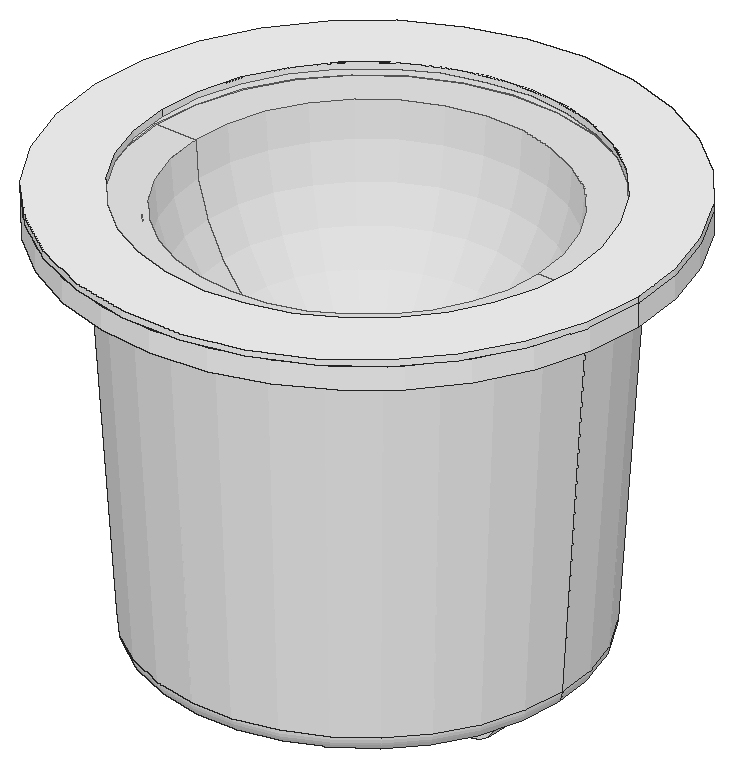
Revit family "2058874 Feilo Sylvania Lighting Fixture MYRD IP FL 3K PHDMEM WHT WBEZ", category Lighting Fixtures, host Face, Revit 2017
Family settings
  Host = Face
  Round Connector Dimension = Use Diameter
  Part Type = Normal
  OmniClass Number = 23.80.70.11.17
  OmniClass Title = Specialized Lighting by Location or Use
  Cut with Voids When Loaded = No
  Light Source = Yes
  Shared = No
  Room Calculation Point = No
Parameters
  Weight = "1.44 kg"
  Wattage = 15 W
  WarrantyStartDate [instance] = "n/a"
  WarrantyGuarantorParts = "n/a"
  WarrantyDurationUnit = "n/a"
  WarrantyDurationParts = "n/a"
  WarrantyDescription = "n/a"
  built-in parameter 1150110 = 1 (stored number, unit not read)
  Voltage = 230 V
  URL = "http://www.sylvania-lighting.com"
  TypeName = "MYRD IP FL 3K PHDMEM WHT WBEZ"
  Type Image = 0
  Type Comments = ""
  built-in parameter 1114217 = 1 (stored number, unit not read)
  Tilt Angle = -90°
  built-in parameter 1150109 = 1 (stored number, unit not read)
  built-in parameter 1150134 = (empty or 0)
  built-in parameter 1150113 = 1 (stored number, unit not read)
  SerialNumber [instance] = "n/a"
  Reflector Radius = Cutout Diameter / 2 - 2.5 mm  # 35.0 mm
  Reflector Material = Aluminum_Sylvania_Myriad_Bright
  Recessed Depth = Height  # 72.0 mm
  PowerFactor = 0
  PowerConsumption = "15 W"
  Photometric Web File = ""
  NominalWidth = 0.0 mm
  NominalLength = 76.0 mm
  NominalHeight = 72.0 mm
  Name = "MYRD IP FL 3K PHDMEM WHT WBEZ"
  ModelReference = "MYRD IP FL 3K PHDMEM WHT WBEZ"
  ModelNumber = "2058874"
  Material = "Aluminium"
  ManufacturerName = "Feilo Sylvania"
  LuminousEfficacy = "50 lm/W"
  LuminaireType = "Ceiling recessed"
  LightOutputRatio = "1"
  LampsType = Lamp  # "LED"
  LampNominalLuminous = "790 lm"
  LampMacAdamStep = "n/a"
  LampColourTemperature = "3000 K"
  LampColourRenderingIndex = "n/a"
  Keynote = "16500"
  Keynote_2 = "16500"
  InstallationDate [instance] = "n/a"
  InputVoltage = "230-240V~"
  InputNominalFrequency = "50/60 Hz"
  IngressProtection = "IP65"
  ImpactProtectionIndex = "IK02"
  IfcExportType = "IfcLightFixtureType"
  IfcExportAs = "IfcLightFixtureType"
  Height = 72.0 mm  # constant formula
  ExpectedLife = 50000
  Emit from Circle Diameter = Accessory Inner Diameter 2  # 68.0 mm
  Emit Shape Visible in Rendering = no
  ElectricShockClassification = "Class II"
  DurationUnit = "hours"
  DocumentationLiterature = "http://www.sylvania-lighting.com/product/en-int/products/2058874"
  DimmingControlOptions = "Dimmable"
  Diffuser Material = Glass_Sylvania_Myriad_Clear_4000K
  Diffuser Diameter = Cutout Diameter  # 75.0 mm
  Cutout Diameter = 75.0 mm  # constant formula
  CreatedOn = "03-11-2017"
  CreatedBy = ""
  Cost = 0
  built-in parameter 1114216 [instance] = 1 (stored number, unit not read)
  built-in parameter 1150142 = (empty or 0)
  Model = "MYRD IP FL 3K PHDMEM WHT WBEZ"
  Manufacturer = "Feilo Sylvania"  # constant formula
  built-in parameter 1150105 = 59.683 (stored number, unit not read)
  Lumens = 750 lm
  built-in parameter 1150115 = 1 (stored number, unit not read)
  built-in parameter 1150137 = (empty or 0)
  built-in parameter 1150139 = (empty or 0)
  built-in parameter 1150112 = 1 (stored number, unit not read)
  built-in parameter 1150114 = 1 (stored number, unit not read)
  Lamp = "LED"
  built-in parameter 1150132 = (empty or 0)
  built-in parameter 1150102 = (empty or 0)
  built-in parameter 1150107 = 3000 (stored number, unit not read)
  built-in parameter 1150138 = (empty or 0)
  built-in parameter 1150106 = 0.59683 (stored number, unit not read)
  built-in parameter 1150104 = 4.6452 (stored number, unit not read)
  Dimming Lamp Color Temperature Shift = (empty or 0)
  Description = "Supplied complete with electronic control gear Compact Fluorescent low energy downlight Emergency version passes through the cut out Ideal for low level orientation lighting New range of Architectural accessories each providing a different lit dimension New completely flush plaster up accessory ring for clean ceiling lines and smooth finish Order lamp separately"  # constant formula
  Default Elevation = 0.0 mm
  Color Filter = 16777215
  built-in parameter 1140040 [instance] = 1
  Body Radius = Reflector Radius + 1.5 mm  # 36.5 mm
  Body Material = Aluminum_Sylvania_Myriad_Gray
  BarCode [instance] = "n/a"
  built-in parameter 1114218 = 1 (stored number, unit not read)
  built-in parameter 1150133 = 10 (stored number, unit not read)
  AssetType = "Fixed"
  AssetIdentifier [instance] = "n/a"
  Assembly Code = "D5020200"
  Apparent Load = 15 VA
  Accessory Material = Aluminum_Sylvania_Myriad_White
  Accessory Inner Diameter 2 = Accessory Diameter - 22.0 mm  # 68.0 mm
  Accessory Inner Diameter 1 = Accessory Diameter - 2.0 mm  # 88.0 mm
  Accessory Diameter = Cutout Diameter + 15.0 mm  # 90.0 mm
Reference planes
  plane 1 "Center (Front/Back)": y = 0
  plane 2: z = 0
  plane 3 "Center (Left/Right)": x = 0
  plane 4: z = 2
  plane 5 "Fixture Bottom": z = 4.5
  plane 6: z = -28.5
  plane 7: z = -61.5
  plane 8 "Fixture Top": z = -67.5
  plane 9: z = 3.5
Forms (mm)
  Revolve 1, solid, material "Aluminum_Sylvania_Myriad_Bright" <- "Reflector Material", detail levels fine
    sketch origin (0, 0, 0) x (1, 0, 0) y (0, 0, 1)
      loop
        line (0, -27.515) -> (-6, -27.515)
        arc (-6, -27.515) -> (-22.333, -16.632) -> (-28.5, 2) r 30.135
        line (-28.5, 2) -> (-35, 2) -> (-35, 0) -> (-29.184, 0)
        arc (-29.184, 0) -> (-22.423, -18.18) -> (-6, -28.5) r 30.204
        line (-6, -28.5) -> (0, -28.5) -> (0, -27.515)
      axis (0, -28.5) -> (0, 2)
    angle from 0 to 360
  Revolve 2, solid, material "Aluminum_Sylvania_Myriad_Gray" <- "Body Material", detail levels fine
    sketch origin (0, 0, 0) x (1, 0, 0) y (0, 0, 1)
      loop
        line (-44, 2) -> (-44, 0) -> (-36.5, 0) -> (-32.42, -58.708)
        arc (-32.42, -58.708) -> (-31.474, -60.694) -> (-29.428, -61.5) r 3
        line (-29.428, -61.5) -> (0, -61.5) -> (0, -28.5) -> (-6, -28.5)
        arc (-6, -28.5) -> (-22.423, -18.18) -> (-29.184, 0) r 30.204
        line (-29.184, 0) -> (-35, 0) -> (-35, 2) -> (-44, 2)
      axis (0, 2) -> (0, -61.5)
    angle from 0 to 360
  Extrusion 3, solid, material "Aluminum_Sylvania_Myriad_Gray" <- "Body Material", detail levels fine
    sketch origin (0, 0, 0) x (1, 0, 0) y (0, 0, 1)
      loop
        line (-13.5, -67.5) -> (21, -67.5)
        arc (21, -67.5) -> (23.828, -66.328) -> (25, -63.5) r 4
        line (25, -63.5) -> (25, -61.5) -> (-17.5, -61.5) -> (-17.5, -63.5)
        arc (-17.5, -63.5) -> (-16.328, -66.328) -> (-13.5, -67.5) r 4
    from -4.5 to 4.5
  Extrusion 4, solid, material "Aluminum_Sylvania_Myriad_White" <- "Accessory Material", detail levels fine
    sketch origin (0, 0, 0) x (1, 0, 0) y (0, 1, 0)
      loop
        circle (0, 0) r 45
      loop
        circle (0, 0) r 44
    from 0 to 3.5
  Extrusion 5, solid, material "Aluminum_Sylvania_Myriad_White" <- "Accessory Material", detail levels fine
    sketch origin (0, 0, 0) x (1, 0, 0) y (0, 1, 0)
      loop
        circle (0, 0) r 45
      loop
        circle (0, 0) r 34
    from 3.5 to 4.5
  Extrusion 6, solid, material "Aluminum_Sylvania_Myriad_White" <- "Accessory Material", detail levels coarse+medium
    sketch origin (0, 0, 0) x (1, 0, 0) y (0, 1, 0)
      loop
        circle (0, 0) r 45
    from 0 to 4.5
  Revolve 7, solid, detail levels coarse+medium
    sketch origin (0, 0, 0) x (1, 0, 0) y (0, 0, 1)
      loop
        line (36.5, 0) -> (0, 0) -> (0, -61.5) -> (32.226, -61.5) -> (36.5, 0)
      axis (0, 0) -> (0, -61.5)
    angle from 0 to 360
  Extrusion 8, void
    sketch origin (0, 0, 0) x (1, 0, 0) y (0, 1, 0)
      loop
        circle (0, 0) r 37.5
    from -67.5 to 0
  Extrusion 9, solid, material "Glass_Sylvania_Myriad_Clear_4000K" <- "Diffuser Material", detail levels fine
    sketch origin (0, 0, 0) x (1, 0, 0) y (0, 1, 0)
      loop
        circle (0, 0) r 37.5
    from 2 to 3.5
Cuts and joins
  joined: Extrusion 4, Extrusion 5
Lines and regions (mm)
  Masking region 1
    outline origin (0, 0, 0) x (1, 0, 0) y (0, 1, 0)
      loop
        circle (0, 0) r 45
  symbolic lines
    curve 1: arc (-34, 0, 0) -> (0, 34, 0) -> (34, 0, 0) r 34
    curve 2: arc (34, 0, 0) -> (0, -34, 0) -> (-34, 0, 0) r 34
Dimensions and locks
  locked: plane 7 to plane 8 "Fixture Top" at 6
  "Body Radius": Revolve 7 sketch curve to plane 3 "Center (Left/Right)"
  locked: Revolve 7 sketch curve to Revolve 7 sketch curve at 4.274
  plane 5 "Fixture Bottom" to plane 9 to plane 4 to plane 2 to plane 6 = 1.0 mm locked, 1.5 mm locked, 2.0 mm locked, 28.5 mm locked
  "Reflector Radius": Revolve 1 sketch curve to plane 3 "Center (Left/Right)"
  Revolve 1 sketch curve to Revolve 1 sketch curve to Revolve 1 sketch curve to Revolve 1 sketch curve = 6.5 mm locked, 22.5 mm locked, 0.0 mm locked
  "Reflector Radius": plane 3 "Center (Left/Right)" to Revolve 2 sketch curve
  Revolve 2 sketch curve to Revolve 2 sketch curve to Revolve 2 sketch curve = 7.5 mm locked, 1.5 mm locked
  Revolve 2 sketch curve to Revolve 2 sketch curve to Revolve 2 sketch curve = 5.816 mm locked, 23.184 mm locked
  Revolve 2 sketch curve to Revolve 2 sketch curve to Revolve 2 sketch curve = 2.58 mm locked, 2.993 mm locked
  "Accessory Diameter": diameter of Extrusion 4 sketch curve
  "Accessory Inner Diameter 1": diameter of Extrusion 4 sketch curve
  "Accessory Diameter": diameter of Extrusion 5 sketch curve
  "Accessory Diameter": diameter of Extrusion 6 sketch curve
  "Cutout Diameter": diameter of Extrusion 8 sketch curve
  "Accessory Inner Diameter 2": diameter of Extrusion 5 sketch curve
  "Diffuser Diameter": diameter of Extrusion 9 sketch curve
  aligned and locked: plane 2 to host face
  aligned and locked: level to host face
  aligned and locked: plane 1 "Center (Front/Back)" to imposter light
  aligned and locked: plane 3 "Center (Left/Right)" to imposter light
  aligned and locked: Revolve 1 sketch curve to imposter light
  aligned and locked: Extrusion 3 sketch curve to plane 8 "Fixture Top"
  aligned and locked: plane 7 to Extrusion 3 sketch curve
  aligned and locked: Extrusion 4 to plane 2
  aligned and locked: plane 9 to Extrusion 4
  aligned and locked: Extrusion 5 to plane 9
  aligned and locked: plane 5 "Fixture Bottom" to Extrusion 5
  aligned and locked: Extrusion 6 to plane 2
  aligned and locked: plane 5 "Fixture Bottom" to Extrusion 6
  aligned and locked: Extrusion 8 to plane 8 "Fixture Top"
  aligned and locked: plane 2 to Extrusion 8
  aligned and locked: Masking region 1 sketch curve to Extrusion 6  (x2)
  aligned and locked: Extrusion 9 to plane 4
  aligned and locked: plane 9 to Extrusion 9
  aligned and locked: plane 4 to Revolve 2 sketch curve
  aligned and locked: Revolve 2 sketch curve to plane 2
  aligned and locked: curve 1 to cut or joined group of Extrusion 4, Extrusion 5
  aligned and locked: curve 2 to cut or joined group of Extrusion 4, Extrusion 5
  aligned and locked: imposter light to plane 5 "Fixture Bottom"
Automatic sketch dimensions
  host sketch curve to host sketch curve = 1305.563 mm
  host sketch curve to host sketch curve = 1283.632 mm
  Extrusion 3 sketch curve to plane 7 = 2.0 mm
  Extrusion 3 sketch curve to plane 3 "Center (Left/Right)" = 13.5 mm
  plane 3 "Center (Left/Right)" to Extrusion 3 sketch curve = 21.0 mm
  Extrusion 3 sketch curve to Extrusion 3 sketch curve = 4.0 mm
  Revolve 1 sketch curve to level = 0.0 mm
  Revolve 1 sketch curve to plane 3 "Center (Left/Right)" = 0.0 mm
  Revolve 1 sketch curve to plane 6 = 0.0 mm
  Revolve 1 sketch curve to plane 4 = 0.0 mm
  Revolve 1 sketch curve to Revolve 1 sketch curve = 0.684 mm
  level to Revolve 1 sketch curve = 0.88 mm
  Revolve 1 sketch curve to plane 4 = 0.363 mm
  Revolve 1 sketch curve to Revolve 1 sketch curve = 0.625 mm
  Revolve 1 sketch curve to plane 8 "Fixture Top" = 232.8 mm
  plane 5 "Fixture Bottom" to Revolve 1 sketch curve = 291.243 mm
  Revolve 2 sketch curve to plane 3 "Center (Left/Right)" = 0.0 mm  (x2)
  Revolve 2 sketch curve to plane 7 = 0.0 mm
  Revolve 2 sketch curve to plane 6 = 0.0 mm
  Revolve 2 sketch curve to level = 0.0 mm
  level to Revolve 2 sketch curve = 0.88 mm
  plane 7 to Revolve 2 sketch curve = 2.792 mm
  Revolve 2 sketch curve to plane 8 "Fixture Top" = 304.774 mm
  plane 5 "Fixture Bottom" to Revolve 2 sketch curve = 1137.105 mm
  Extrusion 4 sketch curve to Extrusion 4 sketch curve = 0.0 mm  (x2)
  plane 1 "Center (Front/Back)" to Extrusion 4 sketch curve = 0.0 mm
  Extrusion 4 sketch curve to plane 3 "Center (Left/Right)" = 0.0 mm
  Extrusion 5 sketch curve to Extrusion 5 sketch curve = 0.0 mm  (x2)
  plane 1 "Center (Front/Back)" to Extrusion 5 sketch curve = 0.0 mm
  Extrusion 5 sketch curve to plane 3 "Center (Left/Right)" = 0.0 mm
  plane 1 "Center (Front/Back)" to Extrusion 6 sketch curve = 0.0 mm
  Extrusion 6 sketch curve to plane 3 "Center (Left/Right)" = 0.0 mm
  Revolve 7 sketch curve to level = 0.0 mm
  Revolve 7 sketch curve to plane 3 "Center (Left/Right)" = 0.0 mm  (x2)
  Revolve 7 sketch curve to plane 7 = 0.0 mm
  Revolve 7 sketch curve to plane 8 "Fixture Top" = 304.774 mm
  plane 5 "Fixture Bottom" to Revolve 7 sketch curve = 43.226 mm
  plane 1 "Center (Front/Back)" to Extrusion 8 sketch curve = 0.0 mm
  Extrusion 8 sketch curve to plane 3 "Center (Left/Right)" = 0.0 mm
  plane 1 "Center (Front/Back)" to Extrusion 9 sketch curve = 0.0 mm
  Extrusion 9 sketch curve to plane 3 "Center (Left/Right)" = 0.0 mm
Connectors
  electrical at (-0.006, -0.019, -67.5), driven by "Apparent Load", driven by "Apparent Load"
    settings: on plane 8 "Fixture Top", index 1, voltage 230 V, apparent load 15 VA, apparent load phase1 15 VA, apparent load phase2 0 VA, apparent load phase3 0 VA, power factor 1, load classification "Lighting", number of poles 1, system type 30, power factor state 1, is connector primary yes, connector utility no, sub classification motor no, connector description ""
